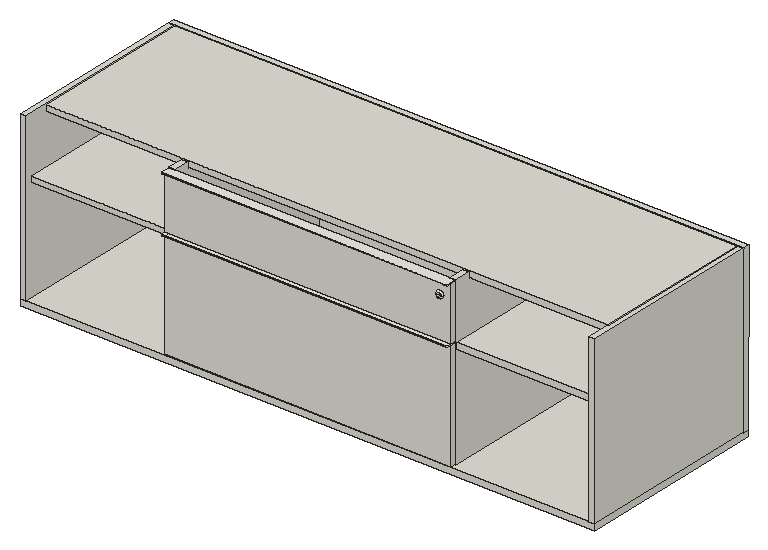
Revit family "Haworth_BeHold_Modular_AttachedCredenza_StorageCenter", category Furniture Systems, Revit 2018
Family settings
  Round Connector Dimension = Use Diameter
  Part Type = Normal
  OmniClass Number = 23.40.70.14.64.21
  OmniClass Title = Systems Furniture
  Work Plane-Based = No
  Always vertical = Yes
  Cut with Voids When Loaded = No
  Shared = No
  Room Calculation Point = No
Parameters (values of type "24d - Proud Back")
  With Lock = yes
  With Leg = no
  Wing Pull Length = if(Actual Width < 36", 13 1/8", 16 3/4")  # 16 3/4"
  Wing Pull = no
  Warranty = "http://www.haworth.com/resources/product-info/warranties"
  URL - Product = "https://www.haworth.com/na/en/products/active-storage/be-hold.html"
  URL = "www.haworth.com"
  Triple Unit Leg = no
  Trim Finish [instance] = Haworth _ Paint _ Smooth Plaster
  Total Drawer Height = Actual Height - Bottom Case Offset - Case Thickness - 1/4"  # 20 1/2"
  Top Thickness = 3/4"  # constant formula
  Top Drawer Height = ((Total Drawer Height - Distance Between Drawer) * 1 / 3)  # 6.79167"
  Top Case Front Offset = 3"  # constant formula
  Top Case Back Control = if(Proud Style, 0", 3/16")  # 0"
  Sustainability Info = "https://www.haworth.com/company-info/sustainability"
  Standard Depths = "16, 24 in."  # constant formula
  Size = "Verify Final Dim. w/ Haworth"  # constant formula
  Single Unit Leg = not(or(Double Unit Leg, Triple Unit Leg))  # yes
  Side Case Back Control = if(Proud Style, Case Thickness, 0")  # 3/4"
  Shelf 1 Offset = Bottom Drawer Height + 1/8" + 1/16"  # 13.77083"
  Revision Number = "1"  # constant formula
  Pull Finish [instance] = Haworth _ Paint _ Smooth Plaster
  Proud Style = not(Inset Style)  # yes
  Model = "Haworth Be_Hold"  # constant formula
  Min. Width = 72"  # constant formula
  Min. Storage Width = 36"  # constant formula
  Min. Height = 22"  # constant formula
  Min. Depth = 16"  # constant formula
  Max. Storage Width = 36"  # constant formula
  Leg Finish [instance] = Haworth _ Paint _ Sky Blue
  Glide Control = not(or(Actual Single Leg Control, [Actual D/T Leg Control]))  # yes
  Double Unit Leg = no
  Depth = 24"
  Bottom Drawer Offset = Bottom Case Offset + Case Thickness + 1/8"  # 1 3/8"
  Bottom Drawer Height = ((Total Drawer Height - Distance Between Drawer) * 2 / 3)  # 13.58333"
  Max. Width = 72"  # constant formula
  Max. Depth = 24"  # constant formula
  Max. Height = 22"  # constant formula
  Manufacturer = "Haworth"  # constant formula
  Linear Pull Length = 8"  # constant formula
  Linear Pull = no
  Inset Style = no
  Glide Finish = Haworth _ Polymer _ Slate
  Front Finish [instance] = Haworth _ Laminate _ Beige H-34
  Front Edge Finish [instance] = Haworth _ Laminate _ Beige H-34
  Drawer Width = Actual Storage Width - 1/8"  # 35 7/8"
  Distance Between Drawer = 1/8"  # constant formula
  Description = "Haworth - Be_Hold - Modular Credenza - Storage Center"  # constant formula
  Custom Size = not(or(Depth = 16", Depth = 24"))  # no
  Cresent Pull = no
  Classic Pull Length = 6 3/4"  # constant formula
  Classic Pull = no
  Case Thickness = 3/4"  # constant formula
  Case Finish [instance] = Haworth _ Laminate _ Beige H-34
  Case Edge Finish [instance] = Haworth _ Laminate _ Beige H-34
  Bottom Case Offset = if(or(Actual Single Leg Control, [Actual D/T Leg Control]), 6", 1/2")  # 1/2"
  Blade Pull Length = Drawer Width - 1/16"  # 35 13/16"
  Blade Pull = not(or(Cresent Pull, Linear Pull, Classic Pull, Wing Pull))  # yes
  Back Case Side Control = if(Proud Style, 0", Case Thickness)  # 0"
  Back Case Back Control = if(Proud Style, 0", 3/16")  # 0"
  Author = "Haworth (Alias)"  # constant formula
  Assembly Code = "E2020200"
  Actual Width = 72"  # constant formula
  Actual Storage Width = 36"  # constant formula
  Actual Single Leg Control = and(With Leg, Single Unit Leg)  # no
  Actual Height = if(or(Actual Single Leg Control, [Actual D/T Leg Control]), 28", 22")  # 22"
  Actual Depth = if(Depth > Max. Depth, Max. Depth, if(Depth < Min. Depth, Min. Depth, Depth))  # 24"
  Actual D/T Leg Control = and(With Leg, or(Double Unit Leg, Triple Unit Leg))  # no
  16 Deep Leg = Actual Depth = 16"  # no
Types (6): name | With Leg | Total Drawer Height | Top Drawer Height | Top Case Back Control | Side Case Back Control | Shelf 1 Offset | Proud Style | Glide Control | Depth | Bottom Drawer Offset | Bottom Drawer Height | Inset Style | Bottom Case Offset | Back Case Side Control | Back Case Back Control | Actual Single Leg Control | Actual Height | Actual Depth | 16 Deep Leg
  24d - Proud Back | no | 20 1/2" | 6.79167" | 0" | 3/4" | 13.77083" | yes | yes | 24" | 1 3/8" | 13.58333" | no | 1/2" | 0" | 0" | no | 22" | 24" | no
  16d - Proud Back | no | 20 1/2" | 6.79167" | 0" | 3/4" | 13.77083" | yes | yes | 16" | 1 3/8" | 13.58333" | no | 1/2" | 0" | 0" | no | 22" | 16" | yes
  24d - Inset Back | no | 20 1/2" | 6.79167" | 3/16" | 0" | 13.77083" | no | yes | 24" | 1 3/8" | 13.58333" | yes | 1/2" | 3/4" | 3/16" | no | 22" | 24" | no
  16d - Inset Back | no | 20 1/2" | 6.79167" | 3/16" | 0" | 13.77083" | no | yes | 16" | 1 3/8" | 13.58333" | yes | 1/2" | 3/4" | 3/16" | no | 22" | 16" | yes
  24d - Inset Back - With Leg | yes | 21" | 6.95833" | 3/16" | 0" | 14.10417" | no | no | 24" | 6 7/8" | 13.91667" | yes | 6" | 3/4" | 3/16" | yes | 28" | 24" | no
  24d - Proud Back - With Leg | yes | 21" | 6.95833" | 0" | 3/4" | 14.10417" | yes | no | 24" | 6 7/8" | 13.91667" | no | 6" | 0" | 0" | yes | 28" | 24" | no
Reference planes (in)
  plane 1: z = 0
  plane 2 "Center L/R": x = -6.17556
  plane 3 "Center F/B": y = -11.5
  plane 4 "Top": z = 22
  plane 5 "Back": y = 0.5
  plane 6 "Front": y = -23.5
  plane 7 "Right": x = 29.82444
  plane 8 "Left": x = -42.17556
  plane 9 "Case Inside Left": x = -41.42556
  plane 10 "Case Inside Right": x = 29.07444
  plane 11 "Case Inside Back": y = -0.25
  plane 12 "Case Bottom": z = 0.5
  plane 13 "Case Inside Front": y = -22.75
  plane 14 "Inside Case Bottom": z = 1.25
  plane 15 "Inside Case Top": z = 21.25
  plane 16 "Top of Top Drawer": z = 21.875
  plane 17 "Bottom of Bottom Drawer": z = 1.375
  plane 18 "Top of Shelf 1": z = 15.02083
  plane 19 "Bottom of Shelf 1": z = 14.27083
  plane 20 "Inside Shelf Left": x = -24.17556
  plane 21 "Shelf Left": x = -23.42556
  plane 22 "Shelf Right": x = 11.07444
  plane 23 "Inside Back Door": y = -21.8125
  plane 24 "Inside Shelf Right": x = 11.82444
Forms (in)
  Sweep 1, solid, material "Haworth _ Polymer _ Slate" <- "Glide Finish", visible <- "Glide Control"
    path origin (-41.42556, 0, 0) x (0, 1, 0) y (0, 0, 1)
      loop
        line (-22.75, 0.5) -> (-22.75, 0)
    profile origin (-41.42556, -22.75, 0.25) x (1, 0, 0) y (0, 1, 0)
      loop
        line (0, 2.00197) -> (0, 0.25)
        arc (0, 0.25) -> (0.07322, 0.07322) -> (0.25, 0) r 0.25
        line (0.25, 0) -> (2.00197, 0)
        arc (2.00197, 0) -> (2.17875, 0.07322) -> (2.25197, 0.25) r 0.25
        line (2.25197, 0.25) -> (2.25197, 0.70079) -> (0.70079, 2.25197) -> (0.25, 2.25197)
        arc (0.25, 2.25197) -> (0.07322, 2.17875) -> (0, 2.00197) r 0.25
  Sweep 2, solid, material "Haworth _ Polymer _ Slate" <- "Glide Finish", visible <- "Glide Control"
    path origin (-41.42556, -23, 0) x (0, -1, 0) y (0, 0, 1)
      loop
        line (-22.75, 0.5) -> (-22.75, 0)
    profile origin (-41.42556, -0.25, 0.25) x (1, 0, 0) y (0, 1, 0)
      loop
        arc (0, -2.00197) -> (0.07322, -2.17875) -> (0.25, -2.25197) r 0.25
        line (0.25, -2.25197) -> (0.70079, -2.25197) -> (2.25197, -0.70079) -> (2.25197, -0.25)
        arc (2.25197, -0.25) -> (2.17875, -0.07322) -> (2.00197, 0) r 0.25
        line (2.00197, 0) -> (0.25, 0)
        arc (0.25, 0) -> (0.07322, -0.07322) -> (0, -0.25) r 0.25
        line (0, -0.25) -> (0, -2.00197)
  Sweep 3, solid, material "Haworth _ Polymer _ Slate" <- "Glide Finish", visible <- "Glide Control"
    path origin (29.07444, 0, 0) x (0, -1, 0) y (0, 0, 1)
      loop
        line (22.75, 0.5) -> (22.75, 0)
    profile origin (29.07444, -22.75, 0.25) x (-1, 0, 0) y (0, -1, 0)
      loop
        arc (0, -2.00197) -> (0.07322, -2.17875) -> (0.25, -2.25197) r 0.25
        line (0.25, -2.25197) -> (0.70079, -2.25197) -> (2.25197, -0.70079) -> (2.25197, -0.25)
        arc (2.25197, -0.25) -> (2.17875, -0.07322) -> (2.00197, 0) r 0.25
        line (2.00197, 0) -> (0.25, 0)
        arc (0.25, 0) -> (0.07322, -0.07322) -> (0, -0.25) r 0.25
        line (0, -0.25) -> (0, -2.00197)
  Sweep 4, solid, material "Haworth _ Polymer _ Slate" <- "Glide Finish", visible <- "Glide Control"
    path origin (29.07444, 0, 0) x (0, -1, 0) y (0, 0, 1)
      loop
        line (0.25, 0.5) -> (0.25, 0)
    profile origin (29.07444, -0.25, 0.25) x (-1, 0, 0) y (0, -1, 0)
      loop
        line (0, 2.00197) -> (0, 0.25)
        arc (0, 0.25) -> (0.07322, 0.07322) -> (0.25, 0) r 0.25
        line (0.25, 0) -> (2.00197, 0)
        arc (2.00197, 0) -> (2.17875, 0.07322) -> (2.25197, 0.25) r 0.25
        line (2.25197, 0.25) -> (2.25197, 0.70079) -> (0.70079, 2.25197) -> (0.25, 2.25197)
        arc (0.25, 2.25197) -> (0.07322, 2.17875) -> (0, 2.00197) r 0.25
  Extrusion 5, solid, material "Haworth _ Laminate _ Beige H-34" <- "Case Finish"
    sketch origin (0, 0, 0) x (1, 0, 0) y (0, 1, 0)
      loop
        line (-42.17556, 0.5) -> (-42.17556, -23.5) -> (29.82444, -23.5) -> (29.82444, 0.5) -> (-42.17556, 0.5)
    from 0.5 to 1.25
  Sweep 6, solid, material "Haworth _ Laminate _ Beige H-34" <- "Case Finish"
    path origin (0, 0, 0.5) x (0, -1, 0) y (1, 0, 0)
      loop
        line (23.5, -42.17556) -> (23.5, -41.42556)
    profile origin (-41.80056, -23.5, 0.5) x (0, 1, 0) y (0, 0, 1)
      loop
        line (0, 21.5) -> (0, 0.75) -> (23.25, 0.75) -> (23.25, 21.5) -> (0, 21.5)
  Sweep 7, solid, material "Haworth _ Laminate _ Beige H-34" <- "Case Finish"
    path origin (-12.35111, 0, 0.5) x (0, -1, 0) y (-1, 0, 0)
      loop
        line (23.5, -42.17556) -> (23.5, -41.42556)
    profile origin (29.44944, -23.5, 0.5) x (0, -1, 0) y (0, 0, 1)
      loop
        line (0, 21.5) -> (-23.25, 21.5) -> (-23.25, 0.75) -> (0, 0.75) -> (0, 21.5)
  Sweep 8, solid, material "Haworth _ Laminate _ Beige H-34" <- "Case Finish"
    path origin (0, 0, 0.5) x (0, -1, 0) y (1, 0, 0)
      loop
        line (0.25, -6.17556) -> (-0.5, -6.17556)
    profile origin (-6.17556, 0.125, 0.5) x (-1, 0, 0) y (0, 0, 1)
      loop
        line (-36, 0.75) -> (36, 0.75) -> (36, 21.5) -> (-36, 21.5) -> (-36, 0.75)
  Extrusion 9, solid, material "Haworth _ Laminate _ Beige H-34" <- "Case Finish"
    sketch origin (0, 0, 0.5) x (0, -1, 0) y (1, 0, 0)
      loop
        line (0.25, -41.42556) -> (20.5, -41.42556) -> (20.5, 29.07444) -> (0.25, 29.07444) -> (0.25, -41.42556)
    from 20.75 to 21.5
  Extrusion 10, solid, material "Haworth _ Laminate _ Beige H-34" <- "Case Finish"
    sketch origin (0, 0, 0) x (1, 0, 0) y (0, 1, 0)
      loop
        line (-41.42556, -0.25) -> (-41.42556, -22.75) -> (-24.17556, -22.75) -> (-24.17556, -0.25) -> (-41.42556, -0.25)
    from 14.27083 to 15.02083
  Extrusion 11, solid, material "Haworth _ Laminate _ Beige H-34" <- "Case Finish"
    sketch origin (0, 0, 0) x (1, 0, 0) y (0, 1, 0)
      loop
        line (11.82444, -0.25) -> (11.82444, -22.75) -> (29.07444, -22.75) -> (29.07444, -0.25) -> (11.82444, -0.25)
    from 14.27083 to 15.02083
  Sweep 12, solid, material "Haworth _ Laminate _ Beige H-34" <- "Case Finish"
    path origin (0, 0, 1.25) x (-1, 0, 0) y (0, -1, 0)
      loop
        line (23.42556, 0.25) -> (24.17556, 0.25)
    profile origin (-23.80056, -0.25, 1.25) x (0, -1, 0) y (0, 0, 1)
      loop
        line (0, 20) -> (0, 0) -> (22.5, 0) -> (22.5, 20.75) -> (20.5, 20.75) -> (20.5, 20) -> (0, 20)
  Sweep 13, solid, material "Haworth _ Laminate _ Beige H-34" <- "Case Finish"
    path origin (35.25, 0, 1.25) x (-1, 0, 0) y (0, -1, 0)
      loop
        line (23.42556, 0.25) -> (24.17556, 0.25)
    profile origin (11.44944, -0.25, 1.25) x (0, -1, 0) y (0, 0, 1)
      loop
        line (0, 20) -> (0, 0) -> (22.5, 0) -> (22.5, 20.75) -> (20.5, 20.75) -> (20.5, 20) -> (0, 20)
Lines and regions (in)
  Masking region 1
    outline origin (0, 0, 21.25) x (0, -1, 0) y (1, 0, 0)
      loop
        line (-0.5, -42.17556) -> (23.5, -42.17556) -> (23.5, 29.82444) -> (-0.5, 29.82444) -> (-0.5, -42.17556)
  symbolic lines, style "Haworth", detail levels medium+fine
    curve 1: line (-42.17556, -20.5, 21.25) -> (29.82444, -20.5, 21.25)
Dimensions and locks (in)
  "Actual Width": plane 8 "Left" to plane 7 "Right"
  equal spacing: plane 5 "Back", plane 3 "Center F/B", plane 6 "Front"
  "Actual Depth": plane 5 "Back" to plane 6 "Front"
  "Case Thickness": plane 9 "Case Inside Left" to plane 8 "Left"
  "Case Thickness": plane 10 "Case Inside Right" to plane 7 "Right"
  "Bottom Case Offset": plane 12 "Case Bottom" to plane 1
  "Case Thickness": plane 11 "Case Inside Back" to plane 5 "Back"
  "Case Thickness": plane 6 "Front" to plane 13 "Case Inside Front"
  locked: Sweep 1 sketch curve to plane 12 "Case Bottom" at 0.5
  locked: Sweep 2 sketch curve to plane 12 "Case Bottom" at 0.5
  locked: Sweep 4 sketch curve to plane 12 "Case Bottom" at 0.5
  locked: Sweep 3 sketch curve to plane 12 "Case Bottom" at 0.5
  "Case Thickness": plane 14 "Inside Case Bottom" to plane 12 "Case Bottom"
  "Top Thickness": plane 4 "Top" to plane 15 "Inside Case Top"
  "Side Case Back Control": Sweep 6 sketch curve to plane 5 "Back"
  "Side Case Back Control": Sweep 7 sketch curve to plane 5 "Back"
  "Back Case Side Control": Sweep 8 sketch curve to plane 7 "Right"
  "Back Case Side Control": Sweep 8 sketch curve to plane 8 "Left"
  "Actual Height": plane 4 "Top" to plane 1
  locked: plane 4 "Top" to plane 16 "Top of Top Drawer" at 0.125
  locked: plane 17 "Bottom of Bottom Drawer" to plane 14 "Inside Case Bottom" at 0.125
  "Top Case Front Offset": Extrusion 9 sketch curve to plane 6 "Front"
  "Case Thickness": plane 18 "Top of Shelf 1" to plane 19 "Bottom of Shelf 1"
  "Shelf 1 Offset": plane 18 "Top of Shelf 1" to plane 14 "Inside Case Bottom"
  equal spacing: plane 8 "Left", plane 2 "Center L/R", plane 7 "Right"
  "Case Thickness": plane 21 "Shelf Left" to plane 20 "Inside Shelf Left"
  locked: plane 13 "Case Inside Front" to Sweep 12 sketch curve at 2
  "Case Thickness": Extrusion 10 sketch curve to plane 6 "Front"
  "Case Thickness": Extrusion 11 sketch curve to plane 6 "Front"
  locked: plane 6 "Front" to plane 23 "Inside Back Door" at 1.6875
  "Top Case Front Offset": plane 6 "Front" to curve 1
  "Case Thickness": Sweep 8 sketch curve to Sweep 8 sketch curve
  "Back Case Back Control": plane 5 "Back" to Sweep 8 sketch curve
  "Top Case Back Control": Extrusion 9 sketch curve to plane 11 "Case Inside Back"
  "Case Thickness": plane 24 "Inside Shelf Right" to plane 22 "Shelf Right"
  equal spacing: plane 20 "Inside Shelf Left", plane 2 "Center L/R", plane 24 "Inside Shelf Right"
  "Actual Storage Width": plane 20 "Inside Shelf Left" to plane 24 "Inside Shelf Right"
  locked: plane 13 "Case Inside Front" to Sweep 13 sketch curve at 2
  aligned and locked: Sweep 1 sketch curve to plane 13 "Case Inside Front"
  aligned and locked: plane 12 "Case Bottom" to Sweep 1 sketch curve
  aligned and locked: plane 11 "Case Inside Back" to Sweep 2 sketch curve
  aligned and locked: plane 12 "Case Bottom" to Sweep 2 sketch curve
  aligned and locked: plane 11 "Case Inside Back" to Sweep 4 sketch curve
  aligned and locked: plane 12 "Case Bottom" to Sweep 4 sketch curve
  aligned and locked: Sweep 3 sketch curve to plane 13 "Case Inside Front"
  aligned and locked: plane 12 "Case Bottom" to Sweep 3 sketch curve
  aligned and locked: Extrusion 5 sketch curve to plane 7 "Right"
  aligned and locked: Extrusion 5 sketch curve to plane 5 "Back"
  aligned and locked: plane 8 "Left" to Extrusion 5 sketch curve
  aligned and locked: plane 6 "Front" to Extrusion 5 sketch curve
  aligned and locked: plane 12 "Case Bottom" to Extrusion 5
  aligned and locked: plane 14 "Inside Case Bottom" to Extrusion 5
  aligned and locked: plane 8 "Left" to Sweep 6 sketch curve
  aligned and locked: plane 9 "Case Inside Left" to Sweep 6 sketch curve
  aligned and locked: Sweep 6 sketch curve to plane 6 "Front"  (x2)
  aligned and locked: Sweep 6 sketch curve to plane 4 "Top"
  aligned and locked: plane 14 "Inside Case Bottom" to Sweep 6 sketch curve
  aligned and locked: plane 6 "Front" to Sweep 7 sketch curve  (x2)
  aligned and locked: plane 7 "Right" to Sweep 7 sketch curve
  aligned and locked: plane 10 "Case Inside Right" to Sweep 7 sketch curve
  aligned and locked: plane 14 "Inside Case Bottom" to Sweep 7 sketch curve
  aligned and locked: Sweep 7 sketch curve to plane 4 "Top"
  aligned and locked: plane 2 "Center L/R" to Sweep 8 sketch curve
  aligned and locked: plane 4 "Top" to Sweep 8 sketch curve
  aligned and locked: Sweep 8 sketch curve to plane 14 "Inside Case Bottom"
  aligned and locked: plane 10 "Case Inside Right" to Extrusion 9 sketch curve
  aligned and locked: plane 9 "Case Inside Left" to Extrusion 9 sketch curve
  aligned and locked: plane 4 "Top" to Extrusion 9
  aligned and locked: plane 15 "Inside Case Top" to Extrusion 9
  aligned and locked: Masking region 1 sketch curve to plane 7 "Right"
  aligned and locked: Masking region 1 sketch curve to plane 5 "Back"
  aligned and locked: plane 8 "Left" to Masking region 1 sketch curve
  aligned and locked: plane 6 "Front" to Masking region 1 sketch curve
  aligned and locked: nested 2 to plane 16 "Top of Top Drawer"
  aligned and locked: plane 6 "Front" to nested 1
  aligned and locked: plane 6 "Front" to nested 2
  aligned and locked: plane 11 "Case Inside Back" to Extrusion 10 sketch curve
  aligned and locked: plane 9 "Case Inside Left" to Extrusion 10 sketch curve
  aligned and locked: plane 18 "Top of Shelf 1" to Extrusion 10
  aligned and locked: Extrusion 10 to plane 19 "Bottom of Shelf 1"
  aligned and locked: Extrusion 10 sketch curve to plane 20 "Inside Shelf Left"
  aligned and locked: plane 11 "Case Inside Back" to Extrusion 11 sketch curve
  aligned and locked: plane 10 "Case Inside Right" to Extrusion 11 sketch curve
  aligned and locked: Sweep 12 sketch curve to plane 11 "Case Inside Back"
  aligned and locked: plane 21 "Shelf Left" to Sweep 12 sketch curve
  aligned and locked: plane 20 "Inside Shelf Left" to Sweep 12 sketch curve
  aligned and locked: Sweep 12 sketch curve to plane 15 "Inside Case Top"
  aligned and locked: plane 13 "Case Inside Front" to Sweep 12 sketch curve
  aligned and locked: Sweep 12 sketch curve to plane 4 "Top"
  aligned and locked: plane 11 "Case Inside Back" to Sweep 12 sketch curve
  aligned and locked: plane 14 "Inside Case Bottom" to Sweep 12 sketch curve
  aligned and locked: Extrusion 11 to plane 19 "Bottom of Shelf 1"
  aligned and locked: plane 18 "Top of Shelf 1" to Extrusion 11
  aligned and locked: Sweep 13 sketch curve to plane 11 "Case Inside Back"
  aligned and locked: plane 22 "Shelf Right" to Sweep 13 sketch curve
  aligned and locked: plane 24 "Inside Shelf Right" to Sweep 13 sketch curve
  aligned and locked: plane 11 "Case Inside Back" to Sweep 13 sketch curve
  aligned and locked: Sweep 13 sketch curve to plane 15 "Inside Case Top"
  aligned and locked: plane 13 "Case Inside Front" to Sweep 13 sketch curve
  aligned and locked: Sweep 13 sketch curve to plane 4 "Top"
  aligned and locked: plane 14 "Inside Case Bottom" to Sweep 13 sketch curve
  aligned and locked: plane 24 "Inside Shelf Right" to Extrusion 11 sketch curve
  aligned and locked: plane 2 "Center L/R" to nested 2
  aligned and locked: plane 2 "Center L/R" to nested 1
  aligned and locked: plane 3 "Center F/B" to nested 3
  aligned and locked: nested 3 to plane 12 "Case Bottom"
  aligned and locked: plane 2 "Center L/R" to nested 3
Automatic sketch dimensions
  Sweep 1 sketch curve to plane 9 "Case Inside Left" = 0"
  profile plane to Sweep 1 sketch curve = 0"
  plane 9 "Case Inside Left" to Sweep 1 sketch curve = 1/4"
  Sweep 1 sketch curve to Sweep 1 sketch curve = 1/4"
  Sweep 1 sketch curve to Sweep 1 sketch curve = 0.45079"  (x2)
  Sweep 1 sketch curve to profile plane = 1/4"
  Sweep 1 sketch curve to Sweep 1 sketch curve = 1.75197"  (x2)
  Sweep 2 sketch curve to plane 9 "Case Inside Left" = 0"
  profile plane to Sweep 2 sketch curve = 0"
  Sweep 2 sketch curve to Sweep 2 sketch curve = 1/4"  (x2)
  Sweep 2 sketch curve to Sweep 2 sketch curve = 0.45079"  (x2)
  profile plane to Sweep 2 sketch curve = 1/4"
  Sweep 2 sketch curve to Sweep 2 sketch curve = 1.75197"  (x2)
  Sweep 3 sketch curve to plane 10 "Case Inside Right" = 0"
  Sweep 3 sketch curve to profile plane = 0"
  Sweep 3 sketch curve to Sweep 3 sketch curve = 1/4"  (x2)
  Sweep 3 sketch curve to Sweep 3 sketch curve = 0.45079"  (x2)
  profile plane to Sweep 3 sketch curve = 1/4"
  Sweep 3 sketch curve to Sweep 3 sketch curve = 1.75197"  (x2)
  Sweep 4 sketch curve to plane 10 "Case Inside Right" = 0"
  Sweep 4 sketch curve to profile plane = 0"
  plane 10 "Case Inside Right" to Sweep 4 sketch curve = 1/4"  (x2)
  Sweep 4 sketch curve to Sweep 4 sketch curve = 0.45079"  (x2)
  Sweep 4 sketch curve to profile plane = 1/4"
  Sweep 4 sketch curve to Sweep 4 sketch curve = 1.75197"  (x2)
  curve 1 to plane 8 "Left" = 0"
  curve 1 to plane 7 "Right" = 0"
Nested families (in)
  nested 1: "Haworth_BeHold_Drawer_PART" at (-6.17556, -22.36287, 1.375), Drawer Height <- "Bottom Drawer Height", built-in parameter 1001364 <- "Bottom Drawer Offset", type "Haworth_Drawer"
    with With Lock no, Pull Height 13.58333", Drawer Height 13.58333", Wing Pull Length 16 3/4", Wing Pull no, Drawer Width 35 7/8", Blade Pull Length 35 13/16", Blade Pull yes
  nested 2: "Haworth_BeHold_Drawer_PART" at (-6.17556, -22.36287, 15.08333), Drawer Height <- "Top Drawer Height", With Lock <- "With Lock", type "Haworth_Drawer"
    with With Lock yes, Pull Height 6.79167", Drawer Height 6.79167", Wing Pull Length 16 3/4", Wing Pull no, Drawer Width 35 7/8", Blade Pull Length 35 13/16", Blade Pull yes
  nested 3: "Haworth_BeHold_Leg_Single_PART" at (0, 0, -5.5), Trim Finish <- "Leg Finish", visible <- "Actual Single Leg Control", type "Leg"
    with Trim Finish Haworth _ Paint _ Sky Blue, Width 72", Stretcher Bar yes, Actual Width 66"
Definition of nested family "Haworth_BeHold_Drawer_PART"
  Parameters (values of type "Haworth_Drawer")
    With Lock [instance] = yes
    Wing Pull Length = 6 1/2"
    Wing Pull = yes
    Warranty = "http://www.haworth.com/resources/product-info/warranties"
    URL - Product = ""
    URL = "www.haworth.com"
    Trim Finish = none
    Revision Number = "1"  # constant formula
    Pull Height [instance] = if(or(Wing Pull, Blade Pull), Drawer Height, Drawer Height - 1 21/32")  # 12"
    Pull Finish = none
    Note = "Verify Final Dim. w/ Haworth"  # constant formula
    Model = "Haworth Be_Hold"  # constant formula
    Manufacturer = "Haworth"  # constant formula
    Lock Offset Top = 1 21/32"  # constant formula
    Lock Offset Side = 1 3/8"  # constant formula
    Linear Pull = no
    Front Finish = none
    Front Edge Finish = none
    Drawer Width = 15 1/2"
    Drawer Height [instance] = 12"
    Description = "Haworth - Be_Hold - Drawer"
    Cresent Pull = no
    Classic Pull Length = 6 3/4"
    Classic Pull = no
    Blade Pull Length = 15 7/16"
    Blade Pull = no
    Linear Pull Length = 8"
    Author = "Haworth (Alias)"  # constant formula
    Assembly Code = ""
  Reference planes (in)
    plane 1 "Drawer Back": y = -0.26213
    plane 2: z = 0
    plane 3 "Center L/R": x = 0
    plane 4 "Drawer Front": y = -1.13713
    plane 5 "Left": x = -7.75
    plane 6 "Right": x = 7.75
    plane 7 "Top": z = 12
    plane 8 "Hardware Start": y = -0.38713
    plane 9 "Lock Side": x = 6.375
    plane 10 "Lock Horizontal": z = 10.34375
  Forms (in)
    Extrusion 1, solid, material <- "Front Finish"
      sketch origin (0, -1.13713, 0) x (-1, 0, 0) y (0, 0, 1)
        loop
          line (-7.75, 12) -> (-7.75, 0) -> (7.75, 0) -> (7.75, 12) -> (-7.75, 12)
      from 0 to 0.75
    Revolve 2, solid, material <- "Trim Finish", visible <- "With Lock"
      sketch origin (0, 0, 10.34375) x (-1, 0, 0) y (0, -1, 0)
        loop
          line (-6.375, 1.13713) -> (-6.375, 1.2621) -> (-6.68756, 1.2621)
          arc (-6.68756, 1.2621) -> (-6.77593, 1.2255) -> (-6.81253, 1.13713) r 0.12497
          line (-6.81253, 1.13713) -> (-6.375, 1.13713)
        axis (-6.375, 1.13713) -> (-6.375, 1.2621)
      angle from 0 to 360
  Lines and regions (in)
    Masking region 1
      outline origin (0, 0, 10.34375) x (-1, 0, 0) y (0, -1, 0)
        loop
          line (7.75, 0.38713) -> (7.75, 1.13713) -> (-7.75, 1.13713) -> (-7.75, 0.38713) -> (7.75, 0.38713)
  Dimensions and locks (in)
    equal spacing: plane 5 "Left", plane 3 "Center L/R", plane 6 "Right"
    "Drawer Width": plane 5 "Left" to plane 6 "Right"
    "Drawer Height": plane 7 "Top" to level
    locked: plane 1 "Drawer Back" to plane 8 "Hardware Start" at 0.125
    plane 4 "Drawer Front" to plane 1 "Drawer Back" = 7/8"
    plane 4 "Drawer Front" to plane 8 "Hardware Start" = 3/4"
    "Lock Offset Side": plane 9 "Lock Side" to plane 6 "Right"
    "Lock Offset Top": plane 7 "Top" to plane 10 "Lock Horizontal"
    locked: Revolve 2 sketch curve to plane 4 "Drawer Front" at 0.12497
    locked: plane 9 "Lock Side" to Revolve 2 sketch curve at 0.43753
    aligned and locked: Extrusion 1 sketch curve to plane 6 "Right"
    aligned and locked: plane 7 "Top" to Extrusion 1 sketch curve
    aligned and locked: Extrusion 1 sketch curve to plane 5 "Left"
    aligned and locked: Extrusion 1 sketch curve to plane 2
    aligned and locked: Extrusion 1 to plane 8 "Hardware Start"
    aligned and locked: Extrusion 1 to plane 4 "Drawer Front"
    aligned and locked: plane 9 "Lock Side" to Revolve 2 sketch curve  (x2)
    aligned and locked: Revolve 2 sketch curve to plane 4 "Drawer Front"
    aligned and locked: plane 3 "Center L/R" to nested 1
    aligned and locked: nested 1 to plane 4 "Drawer Front"
    aligned and locked: plane 6 "Right" to Masking region 1 sketch curve
    aligned and locked: plane 8 "Hardware Start" to Masking region 1 sketch curve
    aligned and locked: plane 4 "Drawer Front" to Masking region 1 sketch curve
    aligned and locked: plane 5 "Left" to Masking region 1 sketch curve
  Automatic sketch dimensions
    plane 8 "Hardware Start" to Revolve 2 sketch curve = 0.19925"
    Revolve 2 sketch curve to Revolve 2 sketch curve = 0.41501"
  Nested families (in)
    nested 1: "Haworth_Drawer-Pulls_PART" at (0, -1.13713, 12), built-in parameter 1001364 <- "Pull Height", type "Pull"
      with Wing yes, Linear no
  Definition of nested family "Haworth_Drawer-Pulls_PART"
    Parameters (values of type "Pull")
      Wing Pull Length = 6 1/2"
      Wing = no
      Warranty = "https://www.haworth.com/resources/product-info/warranties"
      URL = "https://www.haworth.com"
      Trim Finish = none
      Revision Number = "1"  # constant formula
      Model = "Haworth Be_Hold"  # constant formula
      Manufacturer = "Haworth"  # constant formula
      Linear Pull Length = 8"
      Linear = yes
      Description = "Haworth - Be_Hold - Pull Part"
      Cresent = no
      Classic Pull Length = 6 3/4"
      Classic = no
      Blade Pull Length = 15 7/16"
      Blade = no
      Author = "Haworth (Alias)"  # constant formula
      Assembly Code = ""
    Reference planes (in)
      plane 1 "Center Front/Back": y = 0
      plane 2: z = 0
      plane 3 "Center Left/Right": x = 0
      plane 4 "Classic Left": x = -3.375
      plane 5 "Classic Right": x = 3.375
      plane 6 "Linear Left": x = -4
      plane 7 "Linear Right": x = 4
      plane 8 "Wing Right": x = 3.25001
      plane 9 "Wing Left": x = -3.25001
      plane 10 "Blade Left": x = -7.71875
      plane 11 "Blade Right": x = 7.71875
    Forms (in)
      Extrusion 1, solid, material <- "Trim Finish", visible <- "Linear"
        sketch origin (0, 0, 0.125) x (1, 0, 0) y (0, 1, 0)
          loop
            line (-4, 0) -> (-4, -1.25) -> (4, -1.25) -> (4, 0) -> (3, 0) -> (3, -1) -> (-3, -1) -> (-3, 0) -> (-4, 0)
        from 0 to -0.25
      Extrusion 2, solid, material <- "Trim Finish", visible <- "Classic"
        sketch origin (0, 0, 0.375) x (1, 0, 0) y (0, 0, 1)
          loop
            line (-3.375, 0) -> (-3.375, -0.75)
            arc (-3.375, -0.75) -> (-3, -0.375) -> (-3.375, 0) r 0.375
        from 0 to 1
      Extrusion 3, solid, material <- "Trim Finish", visible <- "Classic"
        sketch origin (0, 0, 0.375) x (-1, 0, 0) y (0, 0, -1)
          loop
            arc (-3.375, 0.00132) -> (-3.00132, 0.375) -> (-3.375, 0.74868) r 0.37368
            line (-3.375, 0.74868) -> (-3.375, 0.00132)
        from 0 to 1
      Extrusion 4, solid, material <- "Trim Finish", visible <- "Classic"
        sketch origin (0, 0, 0.375) x (1, 0, 0) y (0, 0, 1)
          loop
            line (-3.375, 0) -> (-3.375, -0.75) -> (3.375, -0.75) -> (3.375, 0) -> (-3.375, 0)
        from 1 to 1.25
      Sweep 5, solid, material <- "Trim Finish", visible <- "Cresent"
        path origin (0, 0, 0) x (1, 0, 0) y (0, 1, 0)
          loop
            arc (-3.75002, 0) -> (-0.00002, -1.25) -> (3.74998, 0) r 6.25
        profile origin (-0.00002, -1.25, 0) x (0, 1, 0) y (0, 0, 1)
          loop
            circle (0.125, 0) r 0.125
      Sweep 6, solid, material <- "Trim Finish", visible <- "Wing"
        path origin (0, 0, 0) x (1, 0, 0) y (0, 1, 0)
          loop
            line (3.25001, 0) -> (-3.25001, 0)
        profile origin (0, 0, 0) x (0, -1, 0) y (0, 0, 1)
          loop
            line (0, -0.055) -> (0.7144, -0.45418)
            arc (0.7144, -0.45418) -> (0.85453, -0.40762) -> (0.79557, -0.27225) r 0.10001
            line (0.79557, -0.27225) -> (0, 0) -> (0, -0.055)
      Extrusion 7, void
        sketch origin (0, 0, 0) x (1, 0, 0) y (0, 1, 0)
          loop
            line (-3.25001, 0) -> (-3.25001, -0.92709) -> (-2.91255, -0.92709) -> (-3.25001, 0)
          loop
            line (3.25001, 0) -> (2.91255, -0.92709) -> (3.25001, -0.92709) -> (3.25001, 0)
        from -1 to 0.5
      Sweep 8, solid, material <- "Trim Finish", visible <- "Blade"
        path origin (0, 0, 0) x (1, 0, 0) y (0, 0, 1)
          loop
            line (0, 0) -> (0, 0.09375)
        profile origin (0, 0, 0.04687) x (-1, 0, 0) y (0, -1, 0)
          loop
            line (7.71875, -0.75) -> (7.71875, 0.40579)
            arc (7.71875, 0.40579) -> (7.682, 0.4945) -> (7.59329, 0.53125) r 0.12546
            line (7.59329, 0.53125) -> (-7.59361, 0.53125)
            arc (-7.59361, 0.53125) -> (-7.6821, 0.4946) -> (-7.71875, 0.40611) r 0.12514
            line (-7.71875, 0.40611) -> (-7.71875, -0.75) -> (7.71875, -0.75)
    Cuts and joins
      Extrusion 7 cuts Extrusion 4
      joined: Extrusion 2, Extrusion 3, Extrusion 4
      Extrusion 7 cuts Sweep 6
    Lines and regions (in)
      symbolic lines, detail levels fine
        curve 1: line (-4, 0, 0) -> (4, 0, 0)
    Dimensions and locks (in)
      equal spacing: plane 4 "Classic Left", plane 3 "Center Left/Right", plane 5 "Classic Right"
      "Classic Pull Length": plane 4 "Classic Left" to plane 5 "Classic Right"
      locked: Extrusion 1 sketch curve to Extrusion 1 sketch curve at 1  (x2)
      equal spacing: plane 6 "Linear Left", plane 3 "Center Left/Right", plane 7 "Linear Right"
      "Linear Pull Length": plane 6 "Linear Left" to plane 7 "Linear Right"
      locked: profile plane to Sweep 5 sketch curve at 0.125
      locked: plane 9 "Wing Left" to Extrusion 7 sketch curve at 0.33745
      locked: Extrusion 7 sketch curve to plane 1 "Center Front/Back" at 0.92709
      locked: plane 1 "Center Front/Back" to Extrusion 7 sketch curve at 0.92709
      Extrusion 7 sketch curve to plane 8 "Wing Right" = 0.33745"
      equal spacing: plane 11 "Blade Right", plane 3 "Center Left/Right", plane 10 "Blade Left"
      "Blade Pull Length": plane 11 "Blade Right" to plane 10 "Blade Left"
      locked: Sweep 8 sketch curve to plane 2 at 0.09375
      locked: Sweep 8 sketch curve to plane 1 "Center Front/Back" at 0.75
      locked: Sweep 8 sketch curve to plane 1 "Center Front/Back" at 0.53125
      equal spacing: plane 8 "Wing Right", plane 3 "Center Left/Right", plane 9 "Wing Left"
      "Wing Pull Length": plane 8 "Wing Right" to plane 9 "Wing Left"
      aligned and locked: plane 4 "Classic Left" to Extrusion 4 sketch curve
      aligned and locked: plane 5 "Classic Right" to Extrusion 4 sketch curve
      aligned and locked: plane 5 "Classic Right" to Extrusion 3 sketch curve
      aligned and locked: Extrusion 2 sketch curve to plane 4 "Classic Left"
      aligned and locked: Extrusion 1 sketch curve to plane 7 "Linear Right"
      aligned and locked: Extrusion 1 sketch curve to plane 6 "Linear Left"
      aligned and locked: plane 2 to Sweep 5 sketch curve
      aligned and locked: profile plane to plane 2
      aligned and locked: Sweep 6 sketch curve to plane 1 "Center Front/Back"
      aligned and locked: plane 8 "Wing Right" to Sweep 6 sketch curve
      aligned and locked: plane 9 "Wing Left" to Sweep 6 sketch curve
      aligned and locked: Extrusion 7 sketch curve to plane 9 "Wing Left"
      aligned and locked: Extrusion 7 sketch curve to plane 8 "Wing Right"
      aligned and locked: plane 2 to Sweep 8 sketch curve
      aligned and locked: Sweep 8 sketch curve to plane 10 "Blade Left"
      aligned and locked: Sweep 8 sketch curve to plane 11 "Blade Right"
      aligned and locked: plane 1 "Center Front/Back" to curve 1
      aligned and locked: plane 7 "Linear Right" to curve 1
      aligned and locked: plane 6 "Linear Left" to curve 1
    Automatic sketch dimensions
      Extrusion 2 sketch curve to level = 0"
      Extrusion 2 sketch curve to level = 3/8"
      Extrusion 3 sketch curve to level = 0"
      level to Extrusion 3 sketch curve = 0.37368"
      Extrusion 4 sketch curve to level = 3/8"
      level to Extrusion 4 sketch curve = 3/8"
      plane 1 "Center Front/Back" to Extrusion 1 sketch curve = 0"  (x2)
      plane 1 "Center Front/Back" to Extrusion 1 sketch curve = 1"
      Extrusion 1 sketch curve to Extrusion 1 sketch curve = 1/4"
      plane 1 "Center Front/Back" to Sweep 5 sketch curve = 0"  (x2)
      Sweep 5 sketch curve to plane 3 "Center Left/Right" = 0.00002"
      Sweep 5 sketch curve to plane 1 "Center Front/Back" = 5"
      Sweep 5 sketch curve to plane 6 "Linear Left" = 0.24998"
      Sweep 6 sketch curve to profile plane = 0"
      Sweep 6 sketch curve to profile plane = 0.7144"
      Sweep 6 sketch curve to Sweep 6 sketch curve = 0.04879"
      Sweep 6 sketch curve to Sweep 6 sketch curve = 0.03238"
      Sweep 6 sketch curve to level = 0.45418"
      Sweep 6 sketch curve to Sweep 6 sketch curve = 0.08731"
      Sweep 6 sketch curve to Sweep 6 sketch curve = 0.27225"
      Sweep 6 sketch curve to Sweep 6 sketch curve = 0.055"
      plane 1 "Center Front/Back" to Extrusion 7 sketch curve = 0"  (x2)
      Sweep 8 sketch curve to plane 3 "Center Left/Right" = 0"
      Sweep 8 sketch curve to Sweep 8 sketch curve = 0.12514"
      Sweep 8 sketch curve to Sweep 8 sketch curve = 0.12546"
      radius of Sweep 5 sketch curve = 1/8"
Definition of nested family "Haworth_BeHold_Leg_Single_PART"
  Parameters (values of type "Leg")
    Width = 18"
    Warranty = "http://www.haworth.com/resources/product-info/warranties"
    URL - Product = ""
    URL = "www.haworth.com"
    Trim Finish [instance] = none
    Sustainability Info = "https://www.haworth.com/company-info/sustainability"
    Stretcher Bar = Actual Width > 42"  # no
    Standard Widths = "18-72 in. @ 6 in. increments"  # constant formula
    Size = "Verify Final Dim. w/ Haworth"  # constant formula
    Revision Number = "1"  # constant formula
    Model = "Haworth Be_Hold"  # constant formula
    Min. Width = 18"  # constant formula
    Min. Depth = 16"  # constant formula
    Max. Width = 72"  # constant formula
    Max. Depth = 24"  # constant formula
    Manufacturer = "Haworth"  # constant formula
    Glide Finish = none
    Description = "Haworth - Be_Hold - Legs"
    Custom Size = not(or(Width = 18", Width = 24", Width = 30", Width = 36", Width = 42", Width = 48", Width = 54", Width = 60", Width = 66", Width = 72"))  # no
    Author = "Haworth (Alias)"  # constant formula
    Assembly Code = "E2020200"
    Actual Width = if(Width < Min. Width, Min. Width - 6", if(Width > Max. Width, Max. Width - 6", Width - 6"))  # 12"
    Actual Height = 6"  # constant formula
    Actual Depth = if([16" Deep], 15 123/128" - 3", 23 87/128" - 3")  # 20 87/128"
    Standard Depths = "16, 24 in."  # constant formula
    24" Deep = not([16" Deep])  # yes
    16" Deep = no
  Reference planes (in)
    plane 1: z = 0
    plane 2 "Center L/R": x = -6.17556
    plane 3 "Center F/B": y = -11.5
    plane 4 "Top": z = 6
    plane 5 "Front": y = -21.83984
    plane 6 "Back": y = -1.16016
    plane 7 "Left": x = -12.17556
    plane 8 "Right": x = -0.17556
  Forms (in)
    Sweep 1, solid, material <- "Trim Finish", visible <- "Stretcher Bar"
      path origin (0, 0, 6) x (1, 0, 0) y (0, 1, 0)
        loop
          line (-0.17556, -11.5) -> (-12.17556, -11.5)
      profile origin (-6.17556, -11.5, 6) x (0, -1, 0) y (0, 0, 1)
        loop
          line (0.25, 0) -> (-0.25, 0)
          arc (-0.25, 0) -> (-0.42678, -0.07322) -> (-0.5, -0.25) r 0.25
          line (-0.5, -0.25) -> (-0.5, -1.74812)
          arc (-0.5, -1.74812) -> (-0.42678, -1.9249) -> (-0.25, -1.99812) r 0.25
          line (-0.25, -1.99812) -> (0.25, -1.99812)
          arc (0.25, -1.99812) -> (0.42678, -1.9249) -> (0.5, -1.74812) r 0.25
          line (0.5, -1.74812) -> (0.5, -0.25)
          arc (0.5, -0.25) -> (0.42678, -0.07322) -> (0.25, 0) r 0.25
  Dimensions and locks (in)
    "Actual Height": plane 4 "Top" to plane 1
    equal spacing: plane 5 "Front", plane 3 "Center F/B", plane 6 "Back"
    "Actual Depth": plane 5 "Front" to plane 6 "Back"
    equal spacing: plane 7 "Left", plane 2 "Center L/R", plane 8 "Right"
    "Actual Width": plane 7 "Left" to plane 8 "Right"
    locked: plane 4 "Top" to Sweep 1 sketch curve at 1.99812
    Sweep 1 sketch curve to plane 3 "Center F/B" to Sweep 1 sketch curve = 1/2" locked, 1/2" locked
    aligned and locked: plane 1 to nested 1
    aligned and locked: plane 1 to nested 2
    aligned and locked: plane 3 "Center F/B" to nested 2
    aligned and locked: plane 3 "Center F/B" to nested 1
    aligned and locked: plane 7 "Left" to nested 2
    aligned and locked: plane 8 "Right" to nested 1
    aligned and locked: Sweep 1 sketch curve to plane 3 "Center F/B"
    aligned and locked: plane 7 "Left" to Sweep 1 sketch curve
    aligned and locked: plane 8 "Right" to Sweep 1 sketch curve
    aligned and locked: Sweep 1 sketch curve to profile plane
  Automatic sketch dimensions
    profile plane to Sweep 1 sketch curve = 1/4"  (x2)
    Sweep 1 sketch curve to profile plane = 1/4"
    Sweep 1 sketch curve to plane 4 "Top" = 1/4"
  Nested families (in)
    nested 1: "Haworth_BeHold_LegAssemblies_PART2" at (6, 0, 0), type "Leg"
    nested 2: "Haworth_BeHold_LegAssemblies_PART2" at (-6, 0, 0), type "Leg"
  Definition of nested family "Haworth_BeHold_LegAssemblies_PART2"
    Parameters (values of type "Leg")
      Warranty = "http://www.haworth.com/resources/product-info/warranties"
      URL - Product = ""
      URL = "www.haworth.com"
      Trim Finish = none
      Sustainability Info = "https://www.haworth.com/company-info/sustainability"
      Size = "Verify Final Dim. w/ Haworth"  # constant formula
      Revision Number = "1"  # constant formula
      Model = "Haworth Be_Hold"  # constant formula
      Min. Depth = 16"  # constant formula
      Max. Depth = 24"  # constant formula
      Manufacturer = "Haworth"  # constant formula
      Glide Finish = none
      Description = "Haworth - Be_Hold - Leg"
      Author = "Haworth (Alias)"  # constant formula
      Assembly Code = "E2020200"
      Actual Width = 1 1/8"  # constant formula
      Actual Height = 6"  # constant formula
      Actual Depth = if([16" Deep], 15 123/128" - 3", 23 87/128" - 3")  # 20 87/128"
      24" Deep = not([16" Deep])  # yes
      16" Deep = no
    Reference planes (in)
      plane 1: z = 0
      plane 2 "Center L/R": x = -6.17556
      plane 3 "Center F/B": y = -11.5
      plane 4 "Top": z = 6
      plane 5 "Front": y = -21.83984
      plane 6 "Back": y = -1.16016
      plane 7 "Glide Top": z = 0.1875
      plane 8: z = 5.84375
    Forms (in)
      Extrusion 1, solid, material <- "Glide Finish"
        sketch origin (0, 0, 0) x (1, 0, 0) y (0, 1, 0)
          loop
            circle (-6.17556, -21.83984) r 0.50018
        from 0 to 0.1875
      Extrusion 2, solid, material <- "Glide Finish"
        sketch origin (0, 12.92999, 0) x (1, 0, 0) y (0, 1, 0)
          loop
            circle (-6.17556, -14.09015) r 0.50018
        from 0 to 0.1875
      Extrusion 3, solid, material <- "Trim Finish"
        sketch origin (0, 0, 0) x (1, 0, 0) y (0, 1, 0)
          loop
            arc (-6.73806, -21.83984) -> (-6.17556, -22.40234) -> (-5.61306, -21.83984) r 0.5625
            line (-5.61306, -21.83984) -> (-6.73806, -21.83984)
        from 0.1875 to 6
      Extrusion 4, solid, material <- "Trim Finish"
        sketch origin (0, -23, 0) x (1, 0, 0) y (0, 1, 0)
          loop
            line (-6.73806, 21.83984) -> (-5.61306, 21.83984)
            arc (-5.61306, 21.83984) -> (-6.17556, 22.40234) -> (-6.73806, 21.83984) r 0.5625
        from 0.1875 to 6
      Sweep 5, solid, material <- "Trim Finish"
        path origin (-6.17556, 0, 0) x (0, 1, 0) y (0, 0, 1)
          loop
            line (-1.72266, 0.1875) -> (-1.72266, 3.12718)
            arc (-1.72266, 3.12718) -> (-1.94233, 3.65751) -> (-2.47266, 3.87718) r 0.75
            line (-2.47266, 3.87718) -> (-20.52734, 3.87718)
            arc (-20.52734, 3.87718) -> (-21.05767, 3.65751) -> (-21.27734, 3.12718) r 0.75
            line (-21.27734, 3.12718) -> (-21.27734, 0.1875)
        profile origin (-6.17556, -21.27734, 1.65734) x (1, 0, 0) y (0, 1, 0)
          loop
            line (-0.5625, -0.5625) -> (0.5625, -0.5625)
            arc (0.5625, -0.5625) -> (0, 0) -> (-0.5625, -0.5625) r 0.5625
      Sweep 6, solid, material <- "Trim Finish"
        path origin (0, 0, 0) x (1, 0, 0) y (0, 1, 0)
          loop
            line (-5.61306, -11.5) -> (-6.73806, -11.5)
        profile origin (-6.17556, -11.5, 0) x (0, -1, 0) y (0, 0, 1)
          loop
            line (10.33984, 6) -> (-10.33984, 6) -> (-10.33984, 3.12718)
            arc (-10.33984, 3.12718) -> (-9.95542, 4.05525) -> (-9.02734, 4.43968) r 1.3125
            line (-9.02734, 4.43968) -> (9.02734, 4.43968)
            arc (9.02734, 4.43968) -> (9.95542, 4.05525) -> (10.33984, 3.12718) r 1.3125
            line (10.33984, 3.12718) -> (10.33984, 6)
      Extrusion 7, solid, material <- "Trim Finish"
        sketch origin (0, 0, 0) x (1, 0, 0) y (0, 1, 0)
          loop
            arc (-7.55056, -1.59766) -> (-7.90411, -1.7441) -> (-8.05056, -2.09766) r 0.5
            line (-8.05056, -2.09766) -> (-8.05056, -3.84196)
            arc (-8.05056, -3.84196) -> (-7.9021, -4.20037) -> (-7.54368, -4.34883) r 0.50687
            line (-7.54368, -4.34883) -> (-4.80743, -4.34883)
            arc (-4.80743, -4.34883) -> (-4.44902, -4.20037) -> (-4.30056, -3.84196) r 0.50687
            line (-4.30056, -3.84196) -> (-4.30056, -2.09766)
            arc (-4.30056, -2.09766) -> (-4.447, -1.7441) -> (-4.80056, -1.59766) r 0.5
            line (-4.80056, -1.59766) -> (-7.55056, -1.59766)
        from 5.84375 to 6
      Extrusion 8, solid, material <- "Trim Finish"
        sketch origin (0, -23, 0) x (1, 0, 0) y (0, 1, 0)
          loop
            line (-7.55056, 1.59766) -> (-4.80056, 1.59766)
            arc (-4.80056, 1.59766) -> (-4.447, 1.7441) -> (-4.30056, 2.09766) r 0.5
            line (-4.30056, 2.09766) -> (-4.30056, 3.84196)
            arc (-4.30056, 3.84196) -> (-4.44902, 4.20037) -> (-4.80743, 4.34883) r 0.50687
            line (-4.80743, 4.34883) -> (-7.54368, 4.34883)
            arc (-7.54368, 4.34883) -> (-7.9021, 4.20037) -> (-8.05056, 3.84196) r 0.50687
            line (-8.05056, 3.84196) -> (-8.05056, 2.09766)
            arc (-8.05056, 2.09766) -> (-7.90411, 1.7441) -> (-7.55056, 1.59766) r 0.5
        from 5.84375 to 6
    Cuts and joins
      joined: Extrusion 3, Extrusion 4, Sweep 5, Sweep 6, Extrusion 7, Extrusion 8
    Lines and regions (in)
      Masking region 1, detail levels medium+fine
        outline origin (0, 0, 0) x (1, 0, 0) y (0, 1, 0)
          loop
            arc (-5.61411, -1.16016) -> (-6.17556, -0.59871) -> (-6.737, -1.16016) r 0.56145
            line (-6.737, -1.16016) -> (-6.73806, -21.83984)
            arc (-6.73806, -21.83984) -> (-6.17556, -22.40129) -> (-5.61411, -21.83984) r 0.56145
            line (-5.61411, -21.83984) -> (-5.61411, -1.16016)
    Dimensions and locks (in)
      "Actual Height": plane 4 "Top" to plane 1
      locked: plane 7 "Glide Top" to plane 1 at 0.1875
      locked: plane 5 "Front" to Sweep 5 sketch curve at 0.5625
      locked: Sweep 5 sketch curve to plane 6 "Back" at 0.5625
      locked: Sweep 5 sketch curve to plane 4 "Top" at 2.12282
      locked: plane 2 "Center L/R" to Sweep 6 sketch curve at 0.5625
      locked: Sweep 6 sketch curve to plane 2 "Center L/R" at 0.5625
      locked: Sweep 6 sketch curve to plane 4 "Top" at 1.56032
      locked: plane 5 "Front" to Sweep 6 sketch curve at 1.3125
      locked: Sweep 6 sketch curve to plane 6 "Back" at 1.3125
      locked: plane 4 "Top" to plane 8 at 0.15625
      equal spacing: plane 5 "Front", plane 3 "Center F/B", plane 6 "Back"
      "Actual Depth": plane 5 "Front" to plane 6 "Back"
      locked: plane 2 "Center L/R" to Extrusion 7 sketch curve at 1.875
      locked: Extrusion 7 sketch curve to plane 2 "Center L/R" at 1.875
      locked: Extrusion 7 sketch curve to plane 6 "Back" at 0.4375
      locked: Extrusion 7 sketch curve to Extrusion 7 sketch curve at 2.75118
      locked: Extrusion 8 sketch curve to Extrusion 8 sketch curve at 2.75118
      locked: plane 5 "Front" to Extrusion 8 sketch curve at 0.4375
      locked: plane 2 "Center L/R" to Extrusion 8 sketch curve at 1.875
      locked: Extrusion 8 sketch curve to plane 2 "Center L/R" at 1.875
      locked: plane 2 "Center L/R" to Masking region 1 sketch curve at 0.5625
      locked: Masking region 1 sketch curve to plane 2 "Center L/R" at 0.5625
      aligned and locked: plane 5 "Front" to Extrusion 1 sketch curve
      aligned and locked: plane 2 "Center L/R" to Extrusion 1 sketch curve
      aligned and locked: Extrusion 1 to plane 1
      aligned and locked: plane 7 "Glide Top" to Extrusion 1
      aligned and locked: plane 6 "Back" to Extrusion 2 sketch curve
      aligned and locked: plane 2 "Center L/R" to Extrusion 2 sketch curve
      aligned and locked: plane 7 "Glide Top" to Extrusion 2
      aligned and locked: Extrusion 2 to plane 1
      aligned and locked: Extrusion 3 sketch curve to plane 5 "Front"
      aligned and locked: Extrusion 3 to plane 7 "Glide Top"
      aligned and locked: plane 4 "Top" to Extrusion 3
      aligned and locked: plane 6 "Back" to Extrusion 4 sketch curve  (x2)
      aligned and locked: plane 4 "Top" to Extrusion 4
      aligned and locked: Extrusion 4 to plane 7 "Glide Top"
      aligned and locked: plane 7 "Glide Top" to Sweep 5 sketch curve  (x2)
      aligned and locked: Sweep 5 sketch curve to plane 5 "Front"
      aligned and locked: plane 2 "Center L/R" to Sweep 5 sketch curve
      aligned and locked: plane 5 "Front" to Sweep 5 sketch curve
      aligned and locked: Sweep 6 sketch curve to plane 3 "Center F/B"
      aligned and locked: Sweep 6 sketch curve to plane 5 "Front"
      aligned and locked: plane 6 "Back" to Sweep 6 sketch curve
      aligned and locked: Sweep 6 sketch curve to plane 4 "Top"
      aligned and locked: Extrusion 7 to plane 8
      aligned and locked: Extrusion 8 to plane 8
      aligned and locked: plane 4 "Top" to Extrusion 7
      aligned and locked: plane 4 "Top" to Extrusion 8
      aligned and locked: plane 6 "Back" to Masking region 1 sketch curve
      aligned and locked: plane 2 "Center L/R" to Masking region 1 sketch curve  (x2)
      aligned and locked: plane 5 "Front" to Masking region 1 sketch curve
      aligned and locked: plane 2 "Center L/R" to Extrusion 4 sketch curve
      aligned and locked: plane 5 "Front" to Extrusion 3 sketch curve
      aligned and locked: plane 2 "Center L/R" to Extrusion 3 sketch curve
    Automatic sketch dimensions
      Sweep 5 sketch curve to Sweep 5 sketch curve = 3/4"  (x2)
      Sweep 5 sketch curve to plane 2 "Center L/R" = 9/16"
      Extrusion 7 sketch curve to Extrusion 7 sketch curve = 1/2"  (x2)
      Extrusion 7 sketch curve to Extrusion 7 sketch curve = 0.50687"  (x2)
      Extrusion 8 sketch curve to Extrusion 8 sketch curve = 1/2"  (x2)
      Extrusion 8 sketch curve to Extrusion 8 sketch curve = 0.50687"
      Extrusion 8 sketch curve to plane 2 "Center L/R" = 1.36813"
      plane 6 "Back" to Masking region 1 sketch curve = 0"  (x2)
      Masking region 1 sketch curve to plane 5 "Front" = 0"  (x2)
      Masking region 1 sketch curve to plane 2 "Center L/R" = 0.56145"
      Masking region 1 sketch curve to Masking region 1 sketch curve = 0.00105"
      Extrusion 4 sketch curve to Extrusion 4 sketch curve = 9/16"
      plane 2 "Center L/R" to Extrusion 3 sketch curve = 9/16"
      radius of Extrusion 1 sketch curve = 0.50018"
      radius of Extrusion 2 sketch curve = 0.50018"
